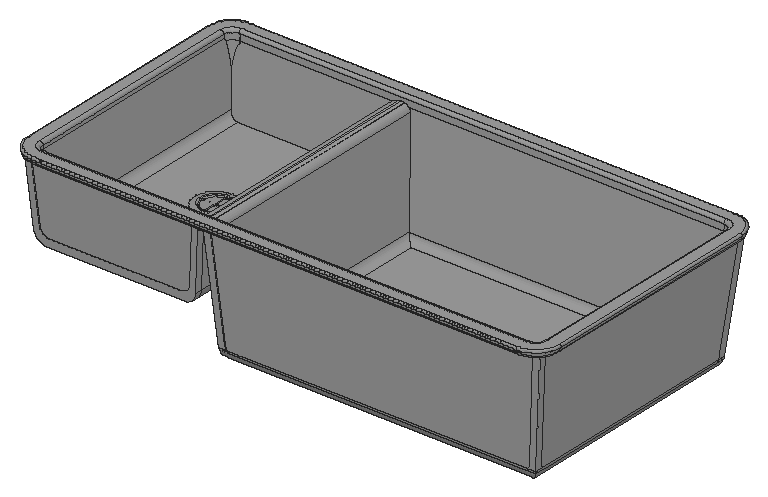
Revit family "Sink_Himacs_CS824D", category Plumbing Fixtures, Revit 2014
Parameters
  Youtube clip = ""
  Width = 874 mm
  Weight Net (Kg) = "18,9"
  Uniclass 2.0 Description = "Wash Basin Systems"
  Uniclass 2.0 Code = "SS-35-65-70-94"
  Uniclass 1.4 Description = "Washbasins"
  Uniclass 1.4 Code = "L7212"
  UNSPSC Code = "301815"
  Technical description = "http://himacs.eu/includes/pdf/LG_Hausys_sinks_technical_datasheet_2014.pdf"
  Region South America = "None"
  Region Oceania = "None"
  Region North America = "None"
  Region Middle East = "None"
  Region Europe = "AT, BE, BG, CH, CS, CY, CZ, DE, DK, EE, ES, FI, FR, GB, GR, HR, HU, IE, IT, LI, LT, LU, LV, MC, MT, NL, NO, PL, PT, RO, RS, SE, SK, UA"
  Region Asia = "None"
  Region Antarctica = "None"
  Region Africa = "None"
  QR code = "http://himacs.bimobject.com/CS824D"
  Product group = "Sinks"
  Product family = "Sinks, Baby Baths & Bowls"
  Product data url = "http://himacs.bimobject.com/CS824D"
  Product certification = ""
  Product SKU = "CS824D"
  Nominal width = "874"
  Nominal height = "200"
  NBS Reference Description = "Wash Basin Systems"
  NBS Reference Code = "35-65-70-94"
  Material Secondary = Steel_Himacs_CS824D_Polished
  Material Main = Natural Acrylic stone_Himacs_CS824D_White
  Manufacturer name = "HI-MACS"
  Manufacturer country = "Italy"
  Manufacturer URL = "http://himacs.eu/"
  Installation instructions = "http://himacs.eu/includes/pdf/HI-MACS_Shape-Installation_UK.pdf"
  IFC Classification = "Furnishing Element"
  Height = 210 mm
  Edition number = "1"
  EAN code = ""
  Design country = "Italy"
  Description = "HI-MACS@ Sinks are produced using a high-quality casting technique. No matter which product you choose from our extensive, eminently combinable selection, all sinks are flush-mounted into the countertop or installed below the surface. Special custom-made creations are also an option."
  Depth = 450 mm
  Date of publishing = "2014-10-09"
  COBIe Type Category = ""
  BIMobject category = "Sanitary"
Reference planes
  plane 1 "Center (Front/Back)": y = 0
  plane 2: z = 0
  plane 3 "Center (Left/Right)": x = 0
  plane 4: x = -437
  plane 5: x = 437
  plane 6: y = 225
  plane 7: y = -225
  plane 8: z = 210
Lines and regions (mm)
  symbolic lines
    curve 1: line (-1506.53, 0, 0) -> (-188.312, 0, 0)
    curve 2: line (-125.843, 0, 0) -> (1839.148, 0, 0)
Dimensions and locks
  equal spacing: plane 4, plane 3 "Center (Left/Right)", plane 5
  "Width": plane 4 to plane 5
  equal spacing: plane 6, plane 1 "Center (Front/Back)", plane 7
  "Depth": plane 6 to plane 7
  "Height": plane 8 to level
  aligned and locked: level to plane 2
Automatic sketch dimensions
  curve 1 to level = 0 mm
  curve 1 to plane 4 = 1069.53 mm
  plane 5 to curve 2 = 1402.148 mm
  curve 2 to level = 0 mm
  curve 1 to plane 3 "Center (Left/Right)" = 188.312 mm
  curve 1 to curve 2 = 62.469 mm
Nested families
  nested 1: "CS824D" at (0, 0, 0) x (-1, 0, 0) z (0, 0, 1), type "CS824D"
Definition of nested family "CS824D"
  Parameters (values of type "CS824D")
    Youtube clip = ""
    Width = 874 mm
    Weight Net (Kg) = "18,9"
    Uniclass 2.0 Description = "Wash Basin Systems"
    Uniclass 2.0 Code = "SS-35-65-70-94"
    Uniclass 1.4 Description = "Washbasins"
    Uniclass 1.4 Code = "L7212"
    UNSPSC Code = "301815"
    Technical description = "http://himacs.eu/includes/pdf/LG_Hausys_sinks_technical_datasheet_2014.pdf"
    Region South America = "None"
    Region Oceania = "None"
    Region North America = "None"
    Region Middle East = "None"
    Region Europe = "AT, BE, BG, CH, CS, CY, CZ, DE, DK, EE, ES, FI, FR, GB, GR, HR, HU, IE, IT, LI, LT, LU, LV, MC, MT, NL, NO, PL, PT, RO, RS, SE, SK, UA"
    Region Asia = "None"
    Region Antarctica = "None"
    Region Africa = "None"
    QR code = "http://himacs.bimobject.com/CS824D"
    Product group = "Sinks"
    Product family = "Sinks, Baby Baths & Bowls"
    Product data url = "http://himacs.bimobject.com/CS824D"
    Product certification = ""
    Product SKU = "CS824D"
    Nominal width = "874"
    Nominal height = "200"
    NBS Reference Description = "Wash Basin Systems"
    NBS Reference Code = "35-65-70-94"
    Material Secondary = Steel_Himacs_CS824D_Polished
    Material Main = Natural Acrylic stone_Himacs_CS824D_White
    Manufacturer name = "HI-MACS"
    Manufacturer country = "Italy"
    Manufacturer URL = "http://himacs.eu/"
    Installation instructions = "http://himacs.eu/includes/pdf/HI-MACS_Shape-Installation_UK.pdf"
    IFC Classification = "Furnishing Element"
    Height = 210 mm
    Edition number = "1"
    EAN code = ""
    Design country = "Italy"
    Description = "HI-MACS@ Sinks are produced using a high-quality casting technique. No matter which product you choose from our extensive, eminently combinable selection, all sinks are flush-mounted into the countertop or installed below the surface. Special custom-made creations are also an option."
    Depth = 450 mm
    Date of publishing = "2014-10-09"
    COBIe Type Category = ""
    BIMobject category = "Sanitary"
  Reference planes
    plane 1 "Center (Front/Back)": y = 0
    plane 2: z = 0
    plane 3 "Center (Left/Right)": x = 0
    plane 4: x = -437
    plane 5: x = 437
    plane 6: y = 225
    plane 7: y = -225
    plane 8: z = 210
    plane 9: z = 200
  Forms (mm)
    Extrusion 1, void
      sketch origin (-95.94, -38.717, 0) x (1, 0, 0) y (0, 1, 0)
        loop
          circle (-51.067, 38.717) r 25
      from -42.169 to 24.113
    Extrusion 2, void
      sketch origin (-145.948, -144.461, 0) x (1, 0, 0) y (0, 1, 0)
        loop
          line (-20.928, 145.794) -> (-20.928, 143.213) -> (-3.24, 143.213) -> (-3.24, 145.794) -> (-20.928, 145.794)
        loop
          line (19.93, 145.794) -> (2.242, 145.794) -> (2.242, 143.213) -> (19.93, 143.213) -> (19.93, 145.794)
        loop
          line (0.792, 165.245) -> (-1.79, 165.245) -> (-1.79, 147.557) -> (0.792, 147.557) -> (0.792, 165.245)
        loop
          line (0.792, 124.075) -> (0.792, 141.762) -> (-1.79, 141.762) -> (-1.79, 124.075) -> (0.792, 124.075)
      from -16.809 to 38.611
    Revolve 3, solid, material "Steel_Himacs_CS824D_Polished" <- "Material Secondary", detail levels fine
      sketch origin (-146.8, -94.898, 0.005) x (0, 1, -0.000081) y (0, 0.000081, 1)
        loop
          line (94.324, 11.805) -> (94.324, 14) -> (72.721, 14)
          arc (72.721, 14) -> (71.82, 14.214) -> (71.112, 14.811) r 2
          arc (71.112, 14.811) -> (70.324, 15.45) -> (69.324, 15.627) r 2.028
          arc (69.324, 15.627) -> (64.52, 15.031) -> (59.79, 14) r 53.074
          line (59.79, 14) -> (69.324, 14) -> (69.324, 0) -> (63.196, 0)
          arc (63.196, 0) -> (66.549, -1.238) -> (70.012, -2.121) r 34.407
          arc (70.012, -2.121) -> (70.576, -1.98) -> (70.825, -1.455) r 0.679
          line (70.825, -1.455) -> (70.825, 10.915)
          arc (70.825, 10.915) -> (71.085, 11.544) -> (71.715, 11.805) r 0.89
          line (71.715, 11.805) -> (94.324, 11.805)
        axis (94.324, 15.627) -> (94.324, -2.121)
      angle from 0 to 360
    Extrusion 4, solid, material "Natural Acrylic stone_Himacs_CS824D_White" <- "Material Main", detail levels fine
      sketch origin (0, 0, 0) x (1, 0, 0) y (0, 0, 1)
        loop
          line (-421.678, 200) -> (-405.778, 18.257)
          arc (-405.778, 18.257) -> (-399.366, 5.254) -> (-385.854, 0) r 20
          line (-385.854, 0) -> (93.44, 0)
          arc (93.44, 0) -> (106.951, 5.254) -> (113.364, 18.255) r 20
          line (113.364, 18.255) -> (128.071, 186.132)
          arc (128.071, 186.132) -> (133.053, 190.696) -> (138.033, 186.13) r 5
          line (138.033, 186.13) -> (146.574, 88.261)
          arc (146.574, 88.261) -> (152.985, 75.256) -> (166.499, 70) r 20
          line (166.499, 70) -> (391.938, 70)
          arc (391.938, 70) -> (405.45, 75.254) -> (411.862, 88.257) r 20
          line (411.862, 88.257) -> (421.638, 200) -> (411.6, 200) -> (402.57, 96.78)
          arc (402.57, 96.78) -> (398.081, 87.678) -> (388.623, 84) r 14
          line (388.623, 84) -> (170.414, 84)
          arc (170.414, 84) -> (160.956, 87.678) -> (156.467, 96.78) r 14
          line (156.467, 96.78) -> (148.555, 187.22)
          arc (148.555, 187.22) -> (144.066, 196.322) -> (134.608, 200) r 14
          line (134.608, 200) -> (131.453, 200)
          arc (131.453, 200) -> (121.995, 196.322) -> (117.506, 187.22) r 14
          line (117.506, 187.22) -> (103.469, 26.78)
          arc (103.469, 26.78) -> (98.981, 17.678) -> (89.523, 14) r 14
          line (89.523, 14) -> (-382.538, 14)
          arc (-382.538, 14) -> (-391.997, 17.678) -> (-396.485, 26.78) r 14
          line (-396.485, 26.78) -> (-411.64, 200) -> (-421.678, 200)
      from -210 to 210
    Extrusion 5, solid, material "Natural Acrylic stone_Himacs_CS824D_White" <- "Material Main", detail levels fine
      sketch origin (0, 0, 0) x (0, 1, 0) y (0, 0, 1)
        loop
          line (199.6, 200) -> (187.505, 27.029)
          arc (187.505, 27.029) -> (183.087, 17.766) -> (173.539, 14.005) r 14
          line (173.539, 14.005) -> (-165.566, 14.005)
          arc (-165.566, 14.005) -> (-174.843, 17.52) -> (-179.462, 26.299) r 14
          line (-179.462, 26.299) -> (-200.789, 200) -> (-210.865, 200) -> (-188.464, 17.563)
          arc (-188.464, 17.563) -> (-181.866, 5.021) -> (-168.613, 0) r 20
          line (-168.613, 0) -> (176.989, 0)
          arc (176.989, 0) -> (190.629, 5.373) -> (196.94, 18.605) r 20
          line (196.94, 18.605) -> (209.624, 200) -> (199.6, 200)
      from -421.678 to 432.536
    Extrusion 6, void
      sketch origin (0, 0, 0) x (1, 0, 0) y (0, 0, 1)
        loop
          line (-422.116, 205) -> (-442, 205) -> (-442, -5) -> (442, -5) -> (442, 205) -> (422.077, 205) -> (411.863, 88.257)
          arc (411.863, 88.257) -> (405.451, 75.254) -> (391.939, 70) r 20
          line (391.939, 70) -> (166.499, 70)
          arc (166.499, 70) -> (152.985, 75.256) -> (146.574, 88.261) r 20
          line (146.574, 88.261) -> (138.033, 186.13)
          arc (138.033, 186.13) -> (133.053, 190.696) -> (128.071, 186.132) r 5
          line (128.071, 186.132) -> (113.364, 18.255)
          arc (113.364, 18.255) -> (106.951, 5.254) -> (93.44, 0) r 20
          line (93.44, 0) -> (-385.854, 0)
          arc (-385.854, 0) -> (-399.366, 5.254) -> (-405.778, 18.257) r 20
          line (-405.778, 18.257) -> (-422.116, 205)
      from -245.972 to 264.894
    Sweep 7, solid, material "Natural Acrylic stone_Himacs_CS824D_White" <- "Material Main", detail levels fine
      path origin (0, 0, 0) x (1, 0, 0) y (0, 1, 0)
        loop
          arc (-397, 225) -> (-425.284, 213.284) -> (-437, 185) r 40
          line (-437, 185) -> (-437, -185)
          arc (-437, -185) -> (-425.284, -213.284) -> (-397, -225) r 40
          line (-397, -225) -> (397, -225)
          arc (397, -225) -> (425.284, -213.284) -> (437, -185) r 40
          line (437, -185) -> (437, 185)
          arc (437, 185) -> (425.284, 213.284) -> (397, 225) r 40
          line (397, 225) -> (-397, 225)
      profile origin (0, 225, 0) x (0, 1, 0) y (0, 0, 1)
        loop
          line (-2.605, 210) -> (-20.4, 210)
          arc (-20.4, 210) -> (-23.936, 208.536) -> (-25.4, 205) r 5
          line (-25.4, 205) -> (-25.4, 195.349) -> (-15.701, 195.349)
          arc (-15.701, 195.349) -> (-14.123, 198.657) -> (-10.713, 200) r 5
          line (-10.713, 200) -> (-3.433, 200)
          arc (-3.433, 200) -> (-2.215, 200.413) -> (-1.501, 201.482) r 2
          line (-1.501, 201.482) -> (-0.095, 206.729)
          arc (-0.095, 206.729) -> (-0.544, 208.983) -> (-2.605, 210) r 2.599
    Extrusion 8, solid, material "Natural Acrylic stone_Himacs_CS824D_White" <- "Material Main", detail levels fine
      sketch origin (-0.078, 0.078, 0) x (1, 0, 0) y (0, 1, 0)
        loop
          arc (-411.6, 185) -> (-407.324, 195.324) -> (-397, 199.6) r 14.6
          line (-397, 199.6) -> (-397, 201.6)
          arc (-397, 201.6) -> (-408.738, 196.738) -> (-413.6, 185) r 16.6
          line (-413.6, 185) -> (-411.6, 185)
      from 141.487 to 200
    Extrusion 9, solid, material "Natural Acrylic stone_Himacs_CS824D_White" <- "Material Main", detail levels fine
      sketch origin (0.078, 0.078, 0) x (-1, 0, 0) y (0, -1, 0)
        loop
          line (-411.6, -185) -> (-413.6, -185)
          arc (-413.6, -185) -> (-408.738, -196.738) -> (-397, -201.6) r 16.6
          line (-397, -201.6) -> (-397, -199.6)
          arc (-397, -199.6) -> (-407.324, -195.324) -> (-411.6, -185) r 14.6
      from 141.487 to 200
    Extrusion 10, solid, material "Natural Acrylic stone_Himacs_CS824D_White" <- "Material Main", detail levels fine
      sketch origin (-0.078, -0.078, 0) x (1, 0, 0) y (0, 1, 0)
        loop
          line (-411.6, -185) -> (-413.6, -185)
          arc (-413.6, -185) -> (-408.738, -196.738) -> (-397, -201.6) r 16.6
          line (-397, -201.6) -> (-397, -199.6)
          arc (-397, -199.6) -> (-407.324, -195.324) -> (-411.6, -185) r 14.6
      from 141.487 to 200
    Extrusion 11, solid, material "Natural Acrylic stone_Himacs_CS824D_White" <- "Material Main", detail levels fine
      sketch origin (0.078, -0.078, 0) x (-1, 0, 0) y (0, -1, 0)
        loop
          arc (-411.6, 185) -> (-407.324, 195.324) -> (-397, 199.6) r 14.6
          line (-397, 199.6) -> (-397, 201.6)
          arc (-397, 201.6) -> (-408.738, 196.738) -> (-413.6, 185) r 16.6
          line (-413.6, 185) -> (-411.6, 185)
      from 141.487 to 200
    Extrusion 12, void
      sketch origin (108.909, -144.812, 69.138) x (1, 0, 0) y (0, 1, 0)
        loop
          line (147.635, 145.482) -> (147.635, 142.9) -> (165.635, 142.9) -> (165.635, 145.482) -> (147.635, 145.482)
        loop
          line (189.117, 145.482) -> (171.117, 145.482) -> (171.117, 142.9) -> (189.117, 142.9) -> (189.117, 145.482)
        loop
          line (169.667, 165.245) -> (167.085, 165.245) -> (167.085, 147.245) -> (169.667, 147.245) -> (169.667, 165.245)
        loop
          line (169.667, 123.45) -> (169.667, 141.45) -> (167.085, 141.45) -> (167.085, 123.45) -> (169.667, 123.45)
      from -5.779 to 25.972
    Revolve 13, solid, material "Steel_Himacs_CS824D_Polished" <- "Material Secondary", detail levels fine
      sketch origin (276.89, -94.928, 70.063) x (0, 1, 0) y (0, 0, -1)
        loop
          line (94.324, -11.805) -> (71.715, -11.805)
          arc (71.715, -11.805) -> (71.085, -11.544) -> (70.825, -10.915) r 0.89
          line (70.825, -10.915) -> (70.825, 1.455)
          arc (70.825, 1.455) -> (70.576, 1.98) -> (70.012, 2.121) r 0.679
          arc (70.012, 2.121) -> (66.549, 1.238) -> (63.196, 0) r 34.407
          line (63.196, 0) -> (69.324, 0) -> (69.324, -14) -> (59.79, -14)
          arc (59.79, -14) -> (64.52, -15.031) -> (69.324, -15.627) r 53.074
          arc (69.324, -15.627) -> (70.324, -15.45) -> (71.112, -14.811) r 2.028
          arc (71.112, -14.811) -> (71.82, -14.214) -> (72.721, -14) r 2
          line (72.721, -14) -> (94.324, -14) -> (94.324, -11.805)
        axis (94.324, -15.627) -> (94.324, 2.121)
      angle from 0 to 360
    Extrusion 14, void
      sketch origin (205.004, -273.709, 0) x (-1, 0, 0) y (0, -1, 0)
        loop
          circle (-72.086, -273.106) r 25
      from -12.28 to 110.292
    Extrusion 15, solid, detail levels coarse
      sketch origin (0, 0, 0) x (1, 0, 0) y (0, 1, 0)
        loop
          arc (-397, 225) -> (-425.284, 213.284) -> (-437, 185) r 40
          line (-437, 185) -> (-437, -185)
          arc (-437, -185) -> (-425.284, -213.284) -> (-397, -225) r 40
          line (-397, -225) -> (397, -225)
          arc (397, -225) -> (425.284, -213.284) -> (437, -185) r 40
          line (437, -185) -> (437, 185)
          arc (437, 185) -> (425.284, 213.284) -> (397, 225) r 40
          line (397, 225) -> (-397, 225)
      from 0 to 210
    Sweep 16, solid, detail levels medium
      path origin (0, 0, 0) x (1, 0, 0) y (0, 1, 0)
        loop
          arc (-397, 225) -> (-425.284, 213.284) -> (-437, 185) r 40
          line (-437, 185) -> (-437, -185)
          arc (-437, -185) -> (-425.284, -213.284) -> (-397, -225) r 40
          line (-397, -225) -> (397, -225)
          arc (397, -225) -> (425.284, -213.284) -> (437, -185) r 40
          line (437, -185) -> (437, 185)
          arc (437, 185) -> (425.284, 213.284) -> (397, 225) r 40
          line (397, 225) -> (-397, 225)
      profile origin (0, 225, 0) x (0, 1, 0) y (0, 0, 1)
        loop
          line (-6.367, 210) -> (-13.721, 210)
          arc (-13.721, 210) -> (-18.161, 208.161) -> (-20, 203.721) r 6.279
          line (-20, 203.721) -> (-20, 0) -> (-15, 0)
          arc (-15, 0) -> (-4.393, 4.393) -> (0, 15) r 15
          line (0, 15) -> (0, 203.633)
          arc (0, 203.633) -> (-1.865, 208.135) -> (-6.367, 210) r 6.367
    Extrusion 17, solid, detail levels medium
      sketch origin (0, 0, 0) x (1, 0, 0) y (0, 0, 1)
        loop
          arc (107.259, 41.078) -> (99.244, 24.825) -> (82.354, 18.257) r 25
          line (82.354, 18.257) -> (-400.285, 18.257)
          arc (-400.285, 18.257) -> (-412.271, 25.224) -> (-417, 38.257) r 20.323
          line (-417, 38.257) -> (-417, 18.257) -> (-417, 0) -> (27.838, 0) -> (422.805, 0) -> (429.789, 200) -> (421.638, 200) -> (411.862, 88.257)
          arc (411.862, 88.257) -> (405.45, 75.254) -> (391.938, 70) r 20
          line (391.938, 70) -> (175.224, 70)
          arc (175.224, 70) -> (161.712, 75.254) -> (155.3, 88.257) r 20
          line (155.3, 88.257) -> (146.958, 183.61)
          arc (146.958, 183.61) -> (144.713, 188.161) -> (139.984, 190) r 7
          line (139.984, 190) -> (126.702, 190)
          arc (126.702, 190) -> (121.973, 188.161) -> (119.729, 183.61) r 7
          line (119.729, 183.61) -> (107.259, 41.078)
      from -194.624 to 194.675
    Extrusion 18, void
      sketch origin (0, 0, 0) x (0, 1, 0) y (0, 0, 1)
        loop
          arc (196.94, 18.605) -> (190.629, 5.373) -> (176.989, 0) r 20
          line (176.989, 0) -> (-168.613, 0)
          arc (-168.613, 0) -> (-181.866, 5.021) -> (-188.464, 17.563) r 20
          line (-188.464, 17.563) -> (-213.32, 220) -> (-225, 220) -> (-225, -20) -> (235.324, -20) -> (235.324, 210) -> (210.324, 210) -> (196.94, 18.605)
      from -442 to 477.299
  Cuts and joins
    Extrusion 1, Extrusion 6, Extrusion 14, Extrusion 18 cuts Extrusion 5
    Extrusion 1, Extrusion 12, Extrusion 14, Extrusion 18 cuts Extrusion 4
    Extrusion 2, Extrusion 12, Extrusion 14 cuts Revolve 3
    Extrusion 12 cuts Revolve 13
  Lines and regions (mm)
    symbolic lines
      curve 1: line (-397, 225, 0) -> (397, 225, 0)
      curve 2: line (-437, -185, 0) -> (-437, 185, 0)
      curve 3: line (397, -225, 0) -> (-397, -225, 0)
      curve 4: line (437, 185, 0) -> (437, -185, 0)
      curve 5: arc (-397, 225, 0) -> (-425.284, 213.284, 0) -> (-437, 185, 0) r 40
      curve 6: arc (397, 225, 0) -> (425.284, 213.284, 0) -> (437, 185, 0) r 40
      curve 7: arc (-437, -185, 0) -> (-425.284, -213.284, 0) -> (-397, -225, 0) r 40
      curve 8: arc (397, -225, 0) -> (425.284, -213.284, 0) -> (437, -185, 0) r 40
      curve 17: circle (-146.697, -0.119, 0) r 34.343 normal (0, 0, 1)
      curve 18: circle (276.686, -0.787, 0) r 34.661 normal (0, 0, 1)
      curve 55: line (0, 222.488, 210) -> (0, -222.456, 210)
      curve 56: line (0, 223.446, 201.331) -> (0, 224.92, 206.831)
      curve 57: line (0, -221.624, 200) -> (0, -214.516, 200)
      curve 58: line (0, -224.925, 206.782) -> (0, -223.491, 201.432)
      curve 59: line (0, 209.307, 195.455) -> (0, 196.859, 17.449)
      curve 60: arc (0, 183.608, 0) -> (0, 192.836, 6.749) -> (0, 196.859, 17.449) r 20
      curve 61: line (0, 158.056, 0) -> (0, 30.084, 0)
      curve 62: arc (0, -169.369, 0) -> (0, -185.185, 7.899) -> (0, -191.606, 24.37) r 24.575
      curve 63: line (0, -191.606, 24.37) -> (0, -209.129, 195.554)
      curve 64: line (0, 183.608, 0) -> (0, 158.056, 0)
      curve 65: arc (0, 30.084, 0) -> (0, 26.624, -1.138) -> (0, 23.053, -1.863) r 31.019
      curve 66: line (0, 23.053, -1.863) -> (0, -25.712, -2.111)
      curve 67: arc (0, -25.712, -2.111) -> (0, -29.028, -1.234) -> (0, -32.228, 0) r 31.298
      curve 68: arc (0, 213.449, 200) -> (0, 210.601, 198.436) -> (0, 209.307, 195.455) r 5.023
      curve 69: arc (0, -209.129, 195.554) -> (0, -211.014, 198.757) -> (0, -214.516, 200) r 5.433
      curve 71: line (0, 213.449, 200) -> (0, 221.712, 200)
      curve 72: arc (0, 224.92, 206.831) -> (0, 224.485, 209.015) -> (0, 222.488, 210) r 2.518
      curve 73: arc (0, 221.712, 200) -> (0, 222.805, 200.371) -> (0, 223.446, 201.331) r 1.796
      curve 74: arc (0, -223.491, 201.432) -> (0, -222.801, 200.399) -> (0, -221.624, 200) r 1.933
      curve 75: arc (0, -222.456, 210) -> (0, -224.483, 209) -> (0, -224.925, 206.782) r 2.556
      curve 77: line (0, -32.228, 0) -> (0, -169.369, 0)
      curve 78: line (-434.423, 0, 210) -> (434.426, 0, 210)
      curve 79: line (436.969, 0, 206.625) -> (435.495, 0, 201.486)
      curve 80: line (433.523, 0, 200) -> (426.22, 0, 200)
      curve 81: line (-435.478, 0, 201.35) -> (-436.923, 0, 206.742)
      curve 82: line (-433.719, 0, 200) -> (-426.26, 0, 200)
      curve 83: line (-405.778, 0, 18.257) -> (-421.279, 0, 195.436)
      curve 84: arc (-405.778, 0, 18.257) -> (-399.366, 0, 5.254) -> (-385.854, 0, 0) r 20
      curve 85: line (-1506.53, 0, 0) -> (-188.312, 0, 0)
      curve 86: arc (93.44, 0, 0) -> (106.951, 0, 5.254) -> (113.364, 0, 18.255) r 20
      curve 87: line (113.364, 0, 18.255) -> (128.071, 0, 186.132)
      curve 88: arc (128.071, 0, 186.132) -> (133.053, 0, 190.696) -> (138.033, 0, 186.13) r 5
      curve 89: line (138.033, 0, 186.13) -> (146.574, 0, 88.261)
      curve 90: arc (146.574, 0, 88.261) -> (152.985, 0, 75.256) -> (166.499, 0, 70) r 20
      curve 91: line (166.499, 0, 70) -> (245.609, 0, 70)
      curve 92: line (411.862, 0, 88.257) -> (421.239, 0, 195.436)
      curve 93: arc (391.938, 0, 70) -> (405.45, 0, 75.254) -> (411.862, 0, 88.257) r 20
      curve 95: arc (-436.923, 0, 206.742) -> (-436.476, 0, 208.988) -> (-434.423, 0, 210) r 2.588
      curve 96: arc (-433.719, 0, 200) -> (-434.827, 0, 200.376) -> (-435.478, 0, 201.35) r 1.821
      curve 97: arc (-426.26, 0, 200) -> (-422.882, 0, 198.686) -> (-421.279, 0, 195.436) r 5
      curve 98: arc (426.22, 0, 200) -> (422.842, 0, 198.686) -> (421.239, 0, 195.436) r 5
      curve 99: arc (435.495, 0, 201.486) -> (434.758, 0, 200.413) -> (433.523, 0, 200) r 2.052
      curve 100: arc (434.426, 0, 210) -> (436.539, 0, 208.946) -> (436.969, 0, 206.625) r 2.646
      curve 101: arc (-181.153, 0, -2.189) -> (-184.794, 0, -1.296) -> (-188.312, 0, 0) r 33.348
      curve 102: line (-181.153, 0, -2.189) -> (-132.716, 0, -2.189)
      curve 103: arc (-132.716, 0, -2.189) -> (-129.228, 0, -1.255) -> (-125.843, 0, 0) r 38.729
      curve 105: line (-125.843, 0, 0) -> (1839.148, 0, 0)
      curve 106: arc (252.769, 0, 67.811) -> (249.127, 0, 68.704) -> (245.609, 0, 70) r 33.348
      curve 107: line (252.769, 0, 67.811) -> (300.581, 0, 67.811)
      curve 108: arc (300.581, 0, 67.811) -> (304.068, 0, 68.745) -> (307.453, 0, 70) r 38.729
      curve 110: line (307.453, 0, 70) -> (391.938, 0, 70)
    symbolic lines, detail levels medium+fine
      curve 9: line (-396.6, 199.6, 0) -> (396.6, 199.6, 0)
      curve 10: line (-411.6, -184.6, 0) -> (-411.6, 184.6, 0)
      curve 11: line (396.6, -199.6, 0) -> (-396.6, -199.6, 0)
      curve 12: line (411.6, 184.6, 0) -> (411.6, -184.6, 0)
      curve 13: arc (-396.6, 199.6, 0) -> (-407.207, 195.207, 0) -> (-411.6, 184.6, 0) r 15
      curve 14: arc (396.6, 199.6, 0) -> (407.207, 195.207, 0) -> (411.6, 184.6, 0) r 15
      curve 15: arc (-411.6, -184.6, 0) -> (-407.207, -195.207, 0) -> (-396.6, -199.6, 0) r 15
      curve 16: arc (396.6, -199.6, 0) -> (407.207, -195.207, 0) -> (411.6, -184.6, 0) r 15
      curve 19: circle (-146.697, -0.119, 0) r 23.543 normal (0, 0, 1)
      curve 20: circle (276.686, -0.787, 0) r 23.861 normal (0, 0, 1)
      curve 53: line (118, 199.6, 0) -> (118, -199.6, 0)
      curve 54: line (148, 199.6, 0) -> (148, -199.6, 0)
      curve 70: line (0, -214.516, 200) -> (0, 213.449, 200)
      curve 94: line (426.22, 0, 200) -> (-426.26, 0, 200)
    symbolic lines, detail levels fine
      curve 21: line (-145.156, 3.096, 0) -> (-145.156, 21.096, 0)
      curve 22: line (-145.156, 21.096, 0) -> (-147.737, 21.096, 0)
      curve 23: line (-147.737, 21.096, 0) -> (-147.737, 3.096, 0)
      curve 24: line (-147.737, 3.096, 0) -> (-145.156, 3.096, 0)
      curve 25: line (-149.188, 1.333, 0) -> (-167.188, 1.333, 0)
      curve 26: line (-149.188, -1.249, 0) -> (-149.188, 1.333, 0)
      curve 27: line (-167.188, -1.249, 0) -> (-149.188, -1.249, 0)
      curve 28: line (-167.188, 1.333, 0) -> (-167.188, -1.249, 0)
      curve 29: line (-125.705, 1.333, 0) -> (-143.705, 1.333, 0)
      curve 30: line (-125.705, -1.249, 0) -> (-125.705, 1.333, 0)
      curve 31: line (-143.705, -1.249, 0) -> (-125.705, -1.249, 0)
      curve 32: line (-143.705, 1.333, 0) -> (-143.705, -1.249, 0)
      curve 33: line (-145.156, -2.699, 0) -> (-147.737, -2.699, 0)
      curve 34: line (-145.156, -20.699, 0) -> (-145.156, -2.699, 0)
      curve 35: line (-147.737, -2.699, 0) -> (-147.737, -20.699, 0)
      curve 36: line (-147.737, -20.699, 0) -> (-145.156, -20.699, 0)
      curve 37: line (275.934, 20.244, 0) -> (275.934, 2.244, 0)
      curve 38: line (278.516, 2.244, 0) -> (278.516, 20.244, 0)
      curve 39: line (278.516, 20.244, 0) -> (275.934, 20.244, 0)
      curve 40: line (275.934, 2.244, 0) -> (278.516, 2.244, 0)
      curve 41: line (274.483, 0.481, 0) -> (256.483, 0.481, 0)
      curve 42: line (256.483, 0.481, 0) -> (256.483, -2.1, 0)
      curve 43: line (256.483, -2.1, 0) -> (274.483, -2.1, 0)
      curve 44: line (274.483, -2.1, 0) -> (274.483, 0.481, 0)
      curve 45: line (297.966, 0.481, 0) -> (279.966, 0.481, 0)
      curve 46: line (279.966, -2.1, 0) -> (297.966, -2.1, 0)
      curve 47: line (297.966, -2.1, 0) -> (297.966, 0.481, 0)
      curve 48: line (279.966, 0.481, 0) -> (279.966, -2.1, 0)
      curve 49: line (278.516, -3.551, 0) -> (275.934, -3.551, 0)
      curve 50: line (278.516, -21.551, 0) -> (278.516, -3.551, 0)
      curve 51: line (275.934, -3.551, 0) -> (275.934, -21.551, 0)
      curve 52: line (275.934, -21.551, 0) -> (278.516, -21.551, 0)
      curve 76: line (0, 30.084, 0) -> (0, -32.228, 0)
      curve 104: line (-188.312, 0, 0) -> (-125.843, 0, 0)
      curve 109: line (245.609, 0, 70) -> (307.453, 0, 70)
  Dimensions and locks
    equal spacing: plane 4, plane 3 "Center (Left/Right)", plane 5
    "Width": plane 4 to plane 5
    equal spacing: plane 6, plane 1 "Center (Front/Back)", plane 7
    "Depth": plane 6 to plane 7
    "Height": plane 8 to level
    aligned and locked: level to plane 2
  Automatic sketch dimensions
    Extrusion 1 sketch curve to plane 3 "Center (Left/Right)" = 147.006 mm
    Extrusion 2 sketch curve to plane 3 "Center (Left/Right)" = 166.876 mm
    Extrusion 2 sketch curve to Extrusion 2 sketch curve = 17.688 mm  (x4)
    Extrusion 2 sketch curve to Extrusion 2 sketch curve = 1.451 mm  (x5)
    Extrusion 2 sketch curve to Extrusion 2 sketch curve = 2.582 mm  (x4)
    plane 1 "Center (Front/Back)" to Extrusion 2 sketch curve = 20.387 mm
    Extrusion 2 sketch curve to Extrusion 2 sketch curve = 1.763 mm
    Extrusion 6 sketch curve to plane 4 = 5 mm
    Extrusion 6 sketch curve to plane 8 = 5 mm  (x2)
    plane 5 to Extrusion 6 sketch curve = 5 mm
    Extrusion 6 sketch curve to level = 5 mm
    level to Extrusion 6 sketch curve = 18.257 mm
    level to Extrusion 6 sketch curve = 70 mm
    Extrusion 6 sketch curve to Extrusion 6 sketch curve = 18.257 mm
    Sweep 7 sketch curve to plane 4 = 0 mm
    Sweep 7 sketch curve to plane 7 = 0 mm
    Sweep 7 sketch curve to plane 6 = 0 mm
    Sweep 7 sketch curve to plane 5 = 0 mm
    profile plane to Sweep 7 sketch curve = 25.4 mm
    Sweep 7 sketch curve to Sweep 7 sketch curve = 5 mm
    Sweep 7 sketch curve to Sweep 7 sketch curve = 9.699 mm
    Sweep 7 sketch curve to Sweep 7 sketch curve = 4.988 mm
    profile plane to Sweep 7 sketch curve = 3.433 mm
    profile plane to Sweep 7 sketch curve = 2.605 mm
    profile plane to Sweep 7 sketch curve = 1.501 mm
    profile plane to Sweep 7 sketch curve = 0.095 mm
    level to Sweep 7 sketch curve = 195 mm
    Sweep 7 sketch curve to Sweep 7 sketch curve = 0.349 mm
    Sweep 7 sketch curve to Sweep 7 sketch curve = 1.482 mm
    Sweep 7 sketch curve to Sweep 7 sketch curve = 9.651 mm
    Sweep 7 sketch curve to Sweep 7 sketch curve = 3.271 mm
    Extrusion 12 sketch curve to Extrusion 12 sketch curve = 18 mm  (x4)
    Extrusion 12 sketch curve to Extrusion 12 sketch curve = 1.451 mm  (x5)
    Extrusion 12 sketch curve to Extrusion 12 sketch curve = 2.582 mm  (x4)
    plane 1 "Center (Front/Back)" to Extrusion 12 sketch curve = 21.362 mm
    Extrusion 12 sketch curve to Extrusion 12 sketch curve = 1.763 mm
    plane 1 "Center (Front/Back)" to Revolve 13 sketch curve = 35.138 mm
    Revolve 13 sketch curve to Revolve 13 sketch curve = 3.406 mm
    Revolve 13 sketch curve to Revolve 13 sketch curve = 9.534 mm
    Revolve 13 sketch curve to Revolve 13 sketch curve = 0.158 mm
    Revolve 13 sketch curve to Revolve 13 sketch curve = 0.821 mm
    Revolve 13 sketch curve to Revolve 13 sketch curve = 0.679 mm
    Revolve 13 sketch curve to Revolve 13 sketch curve = 0.89 mm
    Revolve 13 sketch curve to Revolve 13 sketch curve = 3.397 mm
    Revolve 13 sketch curve to Revolve 13 sketch curve = 2.625 mm
    Revolve 13 sketch curve to Revolve 13 sketch curve = 4.051 mm
    Revolve 13 sketch curve to Revolve 13 sketch curve = 21.603 mm
    Revolve 13 sketch curve to plane 9 = 98.321 mm
    Revolve 13 sketch curve to Revolve 13 sketch curve = 15.616 mm
    Revolve 13 sketch curve to Revolve 13 sketch curve = 2 mm
    Revolve 13 sketch curve to Revolve 13 sketch curve = 0 mm  (x3)
    Revolve 13 sketch curve to Revolve 13 sketch curve = 0.395 mm
    Revolve 13 sketch curve to Revolve 13 sketch curve = 2.195 mm
    Revolve 13 sketch curve to Revolve 13 sketch curve = 10.915 mm
    Revolve 13 sketch curve to Revolve 13 sketch curve = 1.455 mm
    level to Revolve 13 sketch curve = 32.777 mm
    Revolve 13 sketch curve to Revolve 13 sketch curve = 6.762 mm
    Revolve 13 sketch curve to Revolve 13 sketch curve = 0.862 mm
    curve 75 to plane 8 = 0 mm
    curve 74 to plane 9 = 0 mm
    curve 61 to level = 0 mm
    plane 7 to curve 58 = 0.075 mm
    plane 7 to curve 58 = 1.509 mm
    plane 7 to curve 75 = 2.544 mm
    curve 74 to curve 74 = 1.867 mm
    curve 57 to curve 57 = 7.108 mm
    curve 57 to curve 69 = 0.044 mm
    curve 63 to plane 9 = 4.446 mm
    curve 69 to curve 63 = 5.343 mm
    level to curve 77 = 0 mm  (x2)
    curve 62 to curve 77 = 22.238 mm
    curve 77 to curve 62 = 2.337 mm
    curve 66 to level = 2.111 mm
    plane 1 "Center (Front/Back)" to curve 66 = 25.712 mm
    curve 67 to curve 67 = 6.332 mm
    curve 67 to curve 65 = 38.06 mm
    curve 66 to level = 1.863 mm
    curve 65 to curve 66 = 4.374 mm
    curve 66 to curve 61 = 135.003 mm
    curve 61 to curve 60 = 18.852 mm
    curve 61 to curve 64 = 25.552 mm
    curve 71 to plane 6 = 11.551 mm
    curve 68 to curve 68 = 0.865 mm
    curve 73 to plane 6 = 3.288 mm
    curve 55 to plane 6 = 2.512 mm
    curve 56 to plane 6 = 1.554 mm
    curve 56 to plane 6 = 0.08 mm
    level to curve 59 = 17.449 mm
    curve 77 to curve 63 = 24.37 mm
    level to curve 65 = 28.846 mm
    level to curve 67 = 28.54 mm
    curve 68 to plane 9 = 4.948 mm
    plane 9 to curve 56 = 1.331 mm
    plane 9 to curve 58 = 1.432 mm
    curve 58 to plane 8 = 3.218 mm
    curve 56 to plane 8 = 3.169 mm
    curve 68 to plane 9 = 4.545 mm
    level to curve 61 = 0 mm
    Extrusion 15 sketch curve to plane 4 = 0 mm
    Extrusion 15 sketch curve to plane 6 = 0 mm
    Extrusion 15 sketch curve to plane 7 = 0 mm
    Extrusion 15 sketch curve to plane 5 = 0 mm
    Sweep 16 sketch curve to plane 4 = 0 mm
    Sweep 16 sketch curve to plane 6 = 0 mm
    Sweep 16 sketch curve to plane 7 = 0 mm
    Sweep 16 sketch curve to plane 5 = 0 mm
    Sweep 16 sketch curve to level = 0 mm
    Sweep 16 sketch curve to profile plane = 0 mm
    profile plane to Sweep 16 sketch curve = 6.367 mm
    Sweep 16 sketch curve to Sweep 16 sketch curve = 7.354 mm
    level to Sweep 16 sketch curve = 15 mm
    Sweep 16 sketch curve to Sweep 16 sketch curve = 5 mm
    Sweep 16 sketch curve to Sweep 16 sketch curve = 188.633 mm
    Extrusion 17 sketch curve to level = 0 mm
    Extrusion 17 sketch curve to plane 9 = 0 mm
    plane 3 "Center (Left/Right)" to Extrusion 17 sketch curve = 82.354 mm
    Extrusion 17 sketch curve to Extrusion 17 sketch curve = 54.516 mm
    Extrusion 17 sketch curve to Extrusion 17 sketch curve = 24.905 mm
    Extrusion 17 sketch curve to plane 9 = 16.39 mm  (x2)
    plane 3 "Center (Left/Right)" to Extrusion 17 sketch curve = 119.729 mm
    Extrusion 17 sketch curve to Extrusion 17 sketch curve = 6.973 mm  (x2)
    Extrusion 17 sketch curve to Extrusion 17 sketch curve = 13.282 mm
    Extrusion 17 sketch curve to Extrusion 17 sketch curve = 48.041 mm
    Extrusion 17 sketch curve to Extrusion 17 sketch curve = 19.924 mm  (x2)
    Extrusion 17 sketch curve to plane 5 = 7.211 mm
    level to Extrusion 17 sketch curve = 18.257 mm  (x2)
    Extrusion 17 sketch curve to Extrusion 17 sketch curve = 22.821 mm
    level to Extrusion 17 sketch curve = 70 mm
    Extrusion 17 sketch curve to Extrusion 17 sketch curve = 18.257 mm  (x2)
    Extrusion 17 sketch curve to Extrusion 17 sketch curve = 0.61 mm
    Extrusion 6 sketch curve to plane 5 = 45.061 mm
    Extrusion 6 sketch curve to Extrusion 6 sketch curve = 19.924 mm  (x4)
    Extrusion 6 sketch curve to plane 5 = 14.923 mm
    Sweep 7 sketch curve to plane 5 = 40 mm
    plane 5 to Extrusion 9 sketch curve = 23.322 mm
    Extrusion 9 sketch curve to Extrusion 9 sketch curve = 2 mm
    Extrusion 11 sketch curve to plane 5 = 23.322 mm
    Extrusion 11 sketch curve to Extrusion 11 sketch curve = 2 mm
    Extrusion 12 sketch curve to plane 5 = 180.457 mm
    Extrusion 15 sketch curve to plane 5 = 40 mm
    Sweep 16 sketch curve to plane 5 = 40 mm
    Extrusion 17 sketch curve to plane 5 = 45.062 mm
    Extrusion 17 sketch curve to Extrusion 17 sketch curve = 8.15 mm
    Extrusion 17 sketch curve to plane 5 = 14.195 mm
    plane 4 to Extrusion 6 sketch curve = 14.884 mm
    plane 4 to Extrusion 6 sketch curve = 31.222 mm
    plane 4 to Sweep 7 sketch curve = 40 mm
    plane 4 to Extrusion 8 sketch curve = 23.322 mm
    Extrusion 8 sketch curve to Extrusion 8 sketch curve = 2 mm
    Extrusion 8 sketch curve to Extrusion 8 sketch curve = 14.6 mm
    Extrusion 10 sketch curve to plane 4 = 23.322 mm
    Extrusion 10 sketch curve to Extrusion 10 sketch curve = 2 mm
    Extrusion 10 sketch curve to Extrusion 10 sketch curve = 14.6 mm
    plane 4 to Extrusion 17 sketch curve = 40.323 mm
    Extrusion 17 sketch curve to Extrusion 17 sketch curve = 3.608 mm
    plane 4 to Extrusion 17 sketch curve = 20 mm
    curve 60 to curve 59 = 19.951 mm
    Extrusion 1 sketch curve to plane 6 = 225 mm
    Sweep 7 sketch curve to Sweep 7 sketch curve = 40 mm  (x2)
    Extrusion 8 sketch curve to Extrusion 8 sketch curve = 0 mm
    Extrusion 8 sketch curve to plane 6 = 39.922 mm
    Extrusion 9 sketch curve to Extrusion 9 sketch curve = 0 mm  (x2)
    Extrusion 9 sketch curve to Extrusion 9 sketch curve = 14.6 mm
    plane 6 to Extrusion 9 sketch curve = 39.922 mm
    Extrusion 15 sketch curve to Extrusion 15 sketch curve = 40 mm  (x3)
    Sweep 16 sketch curve to Sweep 16 sketch curve = 40 mm  (x3)
    plane 7 to curve 63 = 33.394 mm
    Extrusion 10 sketch curve to Extrusion 10 sketch curve = 0 mm
    Extrusion 10 sketch curve to plane 7 = 39.922 mm
    Extrusion 11 sketch curve to Extrusion 11 sketch curve = 0 mm  (x2)
    Extrusion 11 sketch curve to Extrusion 11 sketch curve = 14.6 mm
    plane 7 to Extrusion 11 sketch curve = 39.922 mm
    Extrusion 4 sketch curve to plane 9 = 0 mm  (x3)
    Extrusion 4 sketch curve to level = 0 mm
    Extrusion 4 sketch curve to Extrusion 4 sketch curve = 9.293 mm  (x2)
    Extrusion 4 sketch curve to Extrusion 4 sketch curve = 10.631 mm  (x2)
    Extrusion 4 sketch curve to Extrusion 4 sketch curve = 3.315 mm  (x2)
    Extrusion 4 sketch curve to Extrusion 4 sketch curve = 3.918 mm
    Extrusion 4 sketch curve to Extrusion 4 sketch curve = 10.029 mm
    Extrusion 4 sketch curve to Extrusion 4 sketch curve = 3.382 mm
    Extrusion 4 sketch curve to Extrusion 4 sketch curve = 4.981 mm  (x2)
    Extrusion 4 sketch curve to Extrusion 4 sketch curve = 3.155 mm
    Extrusion 4 sketch curve to plane 9 = 13.87 mm
    Extrusion 4 sketch curve to Extrusion 4 sketch curve = 3.915 mm
    level to Extrusion 4 sketch curve = 14 mm
    level to Extrusion 4 sketch curve = 18.257 mm
    level to Extrusion 4 sketch curve = 18.255 mm
    Extrusion 4 sketch curve to Extrusion 4 sketch curve = 8.525 mm
    Extrusion 4 sketch curve to Extrusion 4 sketch curve = 8.523 mm
    level to Extrusion 4 sketch curve = 70 mm
    Extrusion 4 sketch curve to Extrusion 4 sketch curve = 14 mm
    Extrusion 4 sketch curve to Extrusion 4 sketch curve = 4.261 mm
    Extrusion 4 sketch curve to Extrusion 4 sketch curve = 4.257 mm
    Extrusion 4 sketch curve to Extrusion 4 sketch curve = 6.78 mm  (x2)
    Extrusion 4 sketch curve to Extrusion 4 sketch curve = 0.13 mm
    Extrusion 4 sketch curve to Extrusion 4 sketch curve = 0 mm
    Extrusion 4 sketch curve to Extrusion 4 sketch curve = 0.435 mm
    level to Extrusion 6 sketch curve = 20 mm
    Extrusion 6 sketch curve to Extrusion 6 sketch curve = 4.981 mm  (x2)
    Extrusion 6 sketch curve to Extrusion 6 sketch curve = 0.436 mm
    Extrusion 6 sketch curve to Extrusion 6 sketch curve = 18.261 mm
    Extrusion 6 sketch curve to plane 9 = 14.304 mm
    Extrusion 6 sketch curve to level = 0 mm
    Extrusion 5 sketch curve to plane 9 = 0 mm  (x2)
    Extrusion 5 sketch curve to level = 0 mm
    plane 7 to Extrusion 5 sketch curve = 14.135 mm
    Extrusion 5 sketch curve to Extrusion 5 sketch curve = 10.075 mm
    level to Extrusion 5 sketch curve = 17.563 mm
    plane 7 to Extrusion 5 sketch curve = 36.536 mm
    Extrusion 5 sketch curve to Extrusion 5 sketch curve = 9.002 mm
    Extrusion 5 sketch curve to Extrusion 5 sketch curve = 19.851 mm
    Extrusion 5 sketch curve to Extrusion 5 sketch curve = 3.047 mm
    level to Extrusion 5 sketch curve = 14.005 mm
    Extrusion 5 sketch curve to plane 6 = 51.461 mm
    Extrusion 5 sketch curve to Extrusion 5 sketch curve = 3.45 mm
    level to Extrusion 5 sketch curve = 27.029 mm
    Extrusion 5 sketch curve to Extrusion 5 sketch curve = 10.516 mm
    level to Extrusion 5 sketch curve = 18.605 mm
    Extrusion 5 sketch curve to Extrusion 5 sketch curve = 9.435 mm
    Extrusion 5 sketch curve to plane 6 = 25.4 mm
    Extrusion 5 sketch curve to Extrusion 5 sketch curve = 10.024 mm
    Extrusion 5 sketch curve to Extrusion 5 sketch curve = 6.299 mm
    Extrusion 18 sketch curve to plane 7 = 0 mm
    plane 8 to Extrusion 18 sketch curve = 10 mm
    Extrusion 18 sketch curve to plane 8 = 0 mm
    level to Extrusion 18 sketch curve = 17.563 mm
    plane 7 to Extrusion 18 sketch curve = 36.536 mm
    level to Extrusion 18 sketch curve = 20 mm  (x2)
    Extrusion 18 sketch curve to plane 6 = 48.011 mm
    level to Extrusion 18 sketch curve = 18.605 mm
    Extrusion 18 sketch curve to plane 6 = 14.676 mm
    plane 6 to Extrusion 18 sketch curve = 10.324 mm
    Extrusion 18 sketch curve to level = 20 mm
    Extrusion 18 sketch curve to Extrusion 18 sketch curve = 11.68 mm
    Extrusion 18 sketch curve to level = 0 mm
    plane 1 "Center (Front/Back)" to Extrusion 14 sketch curve = 0.602 mm
    level to Revolve 3 sketch curve = 14 mm
    plane 1 "Center (Front/Back)" to Revolve 3 sketch curve = 35.107 mm
    Revolve 3 sketch curve to Revolve 3 sketch curve = 3.406 mm
    Revolve 3 sketch curve to Revolve 3 sketch curve = 9.534 mm
    Revolve 3 sketch curve to Revolve 3 sketch curve = 0.158 mm
    Revolve 3 sketch curve to Revolve 3 sketch curve = 0.821 mm
    Revolve 3 sketch curve to Revolve 3 sketch curve = 0.679 mm
    Revolve 3 sketch curve to Revolve 3 sketch curve = 0.89 mm
    Revolve 3 sketch curve to Revolve 3 sketch curve = 3.397 mm
    Revolve 3 sketch curve to Revolve 3 sketch curve = 2.625 mm
    Revolve 3 sketch curve to Revolve 3 sketch curve = 4.051 mm
    Revolve 3 sketch curve to Revolve 3 sketch curve = 21.603 mm
    Revolve 3 sketch curve to Revolve 3 sketch curve = 0 mm  (x3)
    Revolve 3 sketch curve to Revolve 3 sketch curve = 0.395 mm
    Revolve 3 sketch curve to Revolve 3 sketch curve = 2.195 mm
    Revolve 3 sketch curve to Revolve 3 sketch curve = 10.915 mm
    Revolve 3 sketch curve to Revolve 3 sketch curve = 1.455 mm
    Revolve 3 sketch curve to Revolve 3 sketch curve = 35.831 mm
    Revolve 3 sketch curve to Revolve 3 sketch curve = 2 mm
    Revolve 3 sketch curve to Revolve 3 sketch curve = 15.616 mm
    Revolve 3 sketch curve to Revolve 3 sketch curve = 0.862 mm
    Revolve 3 sketch curve to Revolve 3 sketch curve = 5.9 mm
    plane 4 to Extrusion 4 sketch curve = 54.462 mm
    plane 4 to Extrusion 4 sketch curve = 25.36 mm
    Extrusion 4 sketch curve to Extrusion 4 sketch curve = 10.038 mm  (x2)
    Extrusion 4 sketch curve to Extrusion 4 sketch curve = 9.895 mm
    Extrusion 4 sketch curve to plane 9 = 12.78 mm
    Extrusion 4 sketch curve to Extrusion 4 sketch curve = 31.049 mm
    plane 3 "Center (Left/Right)" to Extrusion 4 sketch curve = 89.523 mm
    plane 3 "Center (Left/Right)" to Extrusion 4 sketch curve = 117.506 mm
    Extrusion 4 sketch curve to Extrusion 4 sketch curve = 43.105 mm
    level to Extrusion 4 sketch curve = 96.78 mm
    Extrusion 4 sketch curve to Extrusion 4 sketch curve = 10.031 mm
    plane 3 "Center (Left/Right)" to Extrusion 6 sketch curve = 93.44 mm
    plane 3 "Center (Left/Right)" to Extrusion 6 sketch curve = 128.071 mm
    Extrusion 6 sketch curve to Extrusion 6 sketch curve = 33.21 mm
    Extrusion 4 sketch curve to plane 5 = 48.377 mm
    Extrusion 4 sketch curve to plane 5 = 25.4 mm
    Extrusion 14 sketch curve to plane 5 = 159.91 mm
    curve 85 to level = 0 mm
    curve 95 to plane 8 = 0 mm
    curve 96 to plane 9 = 0 mm
    plane 4 to curve 81 = 0.077 mm
    plane 4 to curve 81 = 1.522 mm
    plane 4 to curve 95 = 2.577 mm
    curve 81 to curve 96 = 1.759 mm
    curve 82 to curve 82 = 7.459 mm
    curve 83 to plane 9 = 4.564 mm
    curve 97 to curve 83 = 4.981 mm
    level to curve 83 = 18.257 mm
    plane 4 to curve 83 = 31.222 mm
    level to curve 84 = 20 mm
    curve 104 to plane 3 "Center (Left/Right)" = 188.312 mm
    curve 102 to level = 2.189 mm
    curve 101 to curve 102 = 7.159 mm
    level to curve 101 = 30.595 mm
    curve 101 to curve 103 = 34.063 mm
    curve 103 to curve 102 = 8.265 mm
    curve 102 to curve 104 = 6.873 mm
    level to curve 86 = 20 mm
    plane 3 "Center (Left/Right)" to curve 86 = 93.44 mm
    level to curve 87 = 18.255 mm
    curve 87 to plane 9 = 13.868 mm
    plane 3 "Center (Left/Right)" to curve 87 = 128.071 mm
    curve 87 to curve 88 = 4.981 mm
    curve 89 to plane 9 = 13.87 mm
    curve 88 to curve 89 = 4.981 mm
    level to curve 89 = 88.261 mm
    curve 87 to curve 89 = 33.21 mm
    curve 90 to curve 90 = 19.924 mm
    curve 91 to curve 107 = 86.27 mm
    curve 107 to curve 106 = 6.109 mm
    curve 106 to curve 108 = 33.438 mm
    curve 108 to curve 107 = 8.265 mm
    curve 110 to plane 5 = 45.062 mm
    curve 93 to curve 92 = 19.924 mm
    curve 92 to plane 9 = 4.564 mm
    curve 92 to plane 5 = 15.761 mm
    curve 92 to curve 98 = 4.981 mm
    curve 99 to plane 5 = 3.477 mm
    curve 100 to plane 5 = 2.574 mm
    curve 79 to plane 5 = 1.505 mm
    curve 79 to plane 5 = 0.031 mm
    level to curve 107 = 67.811 mm
    level to curve 110 = 70 mm
    curve 110 to curve 92 = 18.257 mm
    curve 107 to curve 106 = 32.784 mm
    curve 106 to curve 108 = 5.053 mm
    plane 9 to curve 81 = 1.35 mm
    plane 9 to curve 79 = 1.486 mm
    curve 79 to plane 8 = 3.375 mm
    curve 81 to plane 8 = 3.258 mm
    curve 85 to plane 4 = 1069.53 mm
    curve 94 to curve 82 = 0 mm
    plane 5 to curve 105 = 1402.148 mm
    curve 17 to curve 19 = 0 mm  (x2)
    curve 18 to curve 20 = 0 mm  (x2)
    curve 7 to plane 4 = 0 mm
    curve 3 to plane 7 = 0 mm
    curve 5 to plane 6 = 0 mm
    curve 4 to plane 5 = 0 mm
    plane 4 to curve 10 = 25.4 mm
    curve 10 to curve 5 = 14.6 mm
    curve 5 to curve 13 = 0.4 mm
    curve 7 to curve 15 = 0.4 mm
    curve 28 to plane 1 "Center (Front/Back)" = 1.333 mm
    curve 28 to plane 3 "Center (Left/Right)" = 167.188 mm
    plane 1 "Center (Front/Back)" to curve 27 = 1.249 mm
    curve 27 to curve 27 = 18 mm
    curve 26 to curve 35 = 1.451 mm
    curve 25 to curve 22 = 1.451 mm
    plane 1 "Center (Front/Back)" to curve 17 = 0.119 mm
    curve 26 to curve 17 = 2.491 mm
    curve 33 to curve 34 = 2.582 mm
    curve 23 to curve 24 = 2.582 mm
    curve 33 to curve 31 = 1.451 mm  (x2)
    plane 1 "Center (Front/Back)" to curve 30 = 1.249 mm
    curve 31 to curve 30 = 18 mm
    curve 42 to plane 1 "Center (Front/Back)" = 0.481 mm
    curve 42 to plane 5 = 180.517 mm
    plane 1 "Center (Front/Back)" to curve 44 = 2.1 mm
    curve 42 to curve 44 = 18 mm
    curve 43 to curve 51 = 1.451 mm
    curve 41 to curve 40 = 1.451 mm
    plane 1 "Center (Front/Back)" to curve 20 = 0.787 mm
    curve 41 to curve 20 = 2.203 mm
    curve 37 to curve 38 = 2.582 mm
    curve 49 to curve 50 = 2.582 mm
    curve 49 to curve 46 = 1.451 mm
    plane 1 "Center (Front/Back)" to curve 46 = 2.1 mm
    curve 46 to curve 46 = 18 mm
    curve 16 to plane 5 = 40.4 mm
    curve 14 to plane 5 = 40.4 mm
    curve 11 to curve 3 = 0.4 mm
    curve 9 to curve 1 = 0.4 mm
    curve 6 to curve 12 = 14.6 mm
    curve 11 to curve 7 = 14.6 mm
    curve 51 to curve 43 = 19.451 mm
    curve 35 to curve 26 = 19.451 mm
    curve 51 to curve 43 = 1.451 mm
    curve 45 to plane 1 "Center (Front/Back)" = 0.481 mm
    curve 30 to plane 1 "Center (Front/Back)" = 1.333 mm
    curve 40 to plane 1 "Center (Front/Back)" = 2.244 mm
    curve 29 to curve 24 = 1.763 mm
    curve 38 to curve 39 = 18 mm
    curve 21 to curve 22 = 18 mm
    curve 13 to curve 5 = 0.4 mm
    plane 3 "Center (Left/Right)" to curve 53 = 118 mm
    curve 53 to curve 54 = 30 mm
    plane 4 to curve 3 = 40 mm
    radius of Extrusion 1 sketch curve = 25 mm
    radius of Extrusion 14 sketch curve = 25 mm
    radius of curve 17 = 34.343 mm
    radius of curve 18 = 34.661 mm
    radius of curve 19 = 23.543 mm
    radius of curve 20 = 23.861 mm
